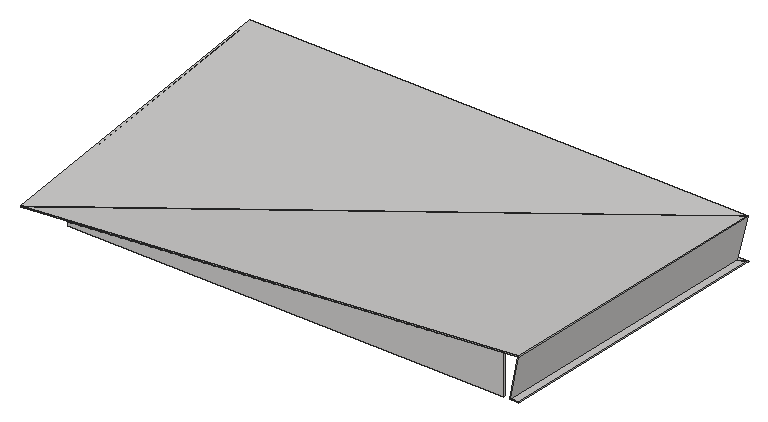
Revit family "Access_Flooring-FreeAxez-Ramp_Internal-1_12", category Specialty Equipment, Revit 2022
Family settings
  Round Connector Dimension = Use Diameter
  Part Type = Normal
  OmniClass Number = 23.35.50.27.14
  OmniClass Title = Rigid Grid Access Flooring
  Work Plane-Based = No
  Always vertical = Yes
  Cut with Voids When Loaded = No
  Maintain Annotation Orientation = No
  Shared = No
  Room Calculation Point = No
Parameters (values of type "Gridd70")
  Width = 2' - 9"
  URL = "https://www.freeaxez.com"
  Type Comments = ""
  Product Page URL = "https://www.freeaxez.com/gridd/#features"
  Product Documentation Link = "https://www.freeaxez.com/wp-content/uploads/2018/04/GRIDD-Catalog.pdf"
  Model = "FA-7433in"
  Manufacturer = "FreeAxez"
  Keynote = ""
  Height = 0' - 2.76"
  Description = "Gridd70 Ramp Internal 1:12"
  Default Elevation = 0' - 0"
  Cost = 0
  Assembly Code = ""
Types (2): name | Width | Model | Height | Description
  Gridd40 | 1' - 7" | "FA-4419in" | 0' - 1.57" | "Gridd40 Ramp Internal 1:12"
  Gridd70 | 2' - 9" | "FA-7433in" | 0' - 2.76" | "Gridd70 Ramp Internal 1:12"
Reference planes (in)
  plane 1 "Center (Front/Back)": y = -7.01969
  plane 2 "Bottom": z = 0
  plane 3 "Center (Left/Right)": x = 0
  plane 4: x = -16.5
  plane 5: x = 16.5
  plane 6: y = 2.48031
  plane 7: y = -16.51969
  plane 8 "Top": z = 2.76
  plane 9 "Back": y = 2.5202
  plane 10 "Right": x = 16.53988
  plane 11: y = -2.24974
  plane 12: x = 8.25
  plane 13: x = -16.53988
  plane 14 "Front": y = -16.55957
Forms (in)
  Extrusion 1, solid, material "Steel - Galvanized - FreeAxez"
    sketch origin (0, 0, 0) x (0, 1, 0) y (0, 0, 1)
      loop
        line (2.48031, 2.76) -> (-16.51969, 0.06271) -> (-16.51969, 0) -> (2.41636, 2.69461) -> (1.88976, 0) -> (2.48031, 0) -> (2.48031, 0.0625) -> (1.97174, 0.0625) -> (2.48031, 2.66495) -> (2.48031, 2.76)
    from -16.5 to 16.5
  Extrusion 2, solid, material "Steel - Galvanized - FreeAxez"
    sketch origin (-16.5, 45.0057, 48) x (0, 1, 0) y (0, 0, 1)
      loop
        line (-58.37578, -48) -> (-43.52538, -48) -> (-43.52538, -45.44226) -> (-58.37578, -47.55245) -> (-58.37578, -48)
    from 0.07031 to 0
  Extrusion 3, solid, material "Steel - Galvanized - FreeAxez"
    sketch origin (-7.01969, -7.01969, 0) x (-1, 0, 0) y (0, 0, 1)
      loop
        line (-23.51969, 2.76) -> (-23.51969, 2.66495) -> (-23.01111, 0.0625) -> (-23.51969, 0.0625) -> (-23.51969, 0) -> (-22.92913, 0) -> (-23.45573, 2.69461) -> (9.48031, 0) -> (9.48031, 0.06271) -> (-23.51969, 2.76)
    from -9.5 to 9.5
  Extrusion 4, void
    sketch origin (0, 0, 0) x (1, 0, 0) y (0, 1, 0)
      loop
        line (-16.5, -16.51969) -> (16.5, 2.48031) -> (-16.5, 2.48031) -> (-16.5, -16.51969)
    from 0 to 9.84252
  Extrusion 5, void
    sketch origin (0, 0, 0) x (1, 0, 0) y (0, 1, 0)
      loop
        line (16.5, 2.48031) -> (-16.5, -16.51969) -> (16.5, -16.51969) -> (16.5, 2.48031)
    from 0 to 9.84252
  Extrusion 6, solid, material "Steel - Galvanized - FreeAxez"
    sketch origin (-60, -16.51969, 48) x (-1, 0, 0) y (0, 0, 1)
      loop
        line (-46.64961, -48) -> (-46.64961, -47.74232) -> (-75.5, -45.38198) -> (-75.5, -48) -> (-46.64961, -48)
    from 0.06846 to 0
Cuts and joins
  Extrusion 4 cuts Extrusion 3
  Extrusion 5 cuts Extrusion 1
Lines and regions (in)
  Masking region 1
    outline origin (0, 0, 0) x (1, 0, 0) y (0, 1, 0)
      loop
        line (-16.5, 2.48031) -> (-16.5, -16.51969) -> (16.5, -16.51969) -> (16.5, 2.48031) -> (-16.5, 2.48031)
  symbolic lines
    curve 1: line (16.5, 2.48031, 0) -> (-16.5, -16.51969, 0)
    curve 4: line (16.5, 2.48031, 0) -> (-16.5, 2.48031, 0)
    curve 5: line (-16.5, 2.48031, 0) -> (-16.5, -16.51969, 0)
    curve 6: line (-16.5, -16.51969, 0) -> (16.5, -16.51969, 0)
    curve 7: line (16.5, -16.51969, 0) -> (16.5, 2.48031, 0)
    curve 12: line (4.25, -9.85138, 0) -> (8.25, -9.85138, 0)
    curve 13: line (12.25, -9.85138, 0) -> (11.54289, -10.55848, 0)
    curve 14: line (12.25, -9.85138, 0) -> (11.54289, -9.14427, 0)
    curve 15: line (8.25, -9.85138, 0) -> (12.25, -9.85138, 0)
    curve 16: line (-2.83169, -6.24974, 0) -> (-2.83169, -2.24974, 0)
    curve 17: line (-2.83169, 1.75026, 0) -> (-2.12459, 1.04315, 0)
    curve 18: line (-2.83169, 1.75026, 0) -> (-3.5388, 1.04315, 0)
    curve 19: line (-2.83169, -2.24974, 0) -> (-2.83169, 1.75026, 0)
  reference lines
    curve 2: line (-16.5, -7.01969, 0) -> (16.5, -7.01969, 2.69983)
    curve 3: line (0, -16.51969, 0) -> (0, 2.48031, 2.69983)
  symbolic lines, not visible
    curve 8: line (-5.45345, -2.26969, 0) -> (-1.45345, -2.26969, 0)
    curve 9: line (2.54655, -2.26969, 0) -> (1.83945, -2.97679, 0)
    curve 10: line (2.54655, -2.26969, 0) -> (1.83945, -1.56258, 0)
    curve 11: line (-1.45345, -2.26969, 0) -> (2.54655, -2.26969, 0)
Dimensions and locks (in)
  equal spacing: plane 4, plane 3 "Center (Left/Right)", plane 5
  equal spacing: plane 6, plane 1 "Center (Front/Back)", plane 7
  "Height": plane 8 "Top" to plane 2 "Bottom"
  plane 6 to plane 7 = 1' - 7"
  locked: plane 7 to Extrusion 2 sketch curve at 3.14961
  "Width": plane 4 to plane 5
  locked: plane 9 "Back" to plane 6 at 0.03988
  locked: plane 5 to plane 10 "Right" at 0.03988
  locked: plane 8 "Top" to curve 2 at 0.06017
  locked: Extrusion 6 sketch curve to plane 4 at 3.14961
  locked: plane 8 "Top" to curve 3 at 0.06017
  locked: Extrusion 3 sketch curve to plane 2 "Bottom" at 0.0625
  locked: plane 5 to Extrusion 3 sketch curve at 0.59055
  locked: Extrusion 1 sketch curve to plane 6 at 0.06395
  locked: Extrusion 1 sketch curve to plane 6 at 0.59055
  locked: Extrusion 2 sketch curve to plane 6 at 1
  locked: plane 5 to Extrusion 6 sketch curve at 1
  equal spacing: plane 3 "Center (Left/Right)", plane 12, plane 5
  equal spacing: plane 9 "Back", plane 11, plane 1 "Center (Front/Back)"
  locked: plane 4 to Extrusion 2 at 0.07031
  locked: Extrusion 6 to plane 7 at 0.06846
  locked: curve 15 to plane 1 "Center (Front/Back)" at 2.83169
  locked: nested 1 to plane 1 "Center (Front/Back)" at 2.83169
  locked: nested 1 to plane 12 at 5.02362
  locked: curve 19 to plane 3 "Center (Left/Right)" at 2.83169
  locked: nested 2 to plane 3 "Center (Left/Right)" at 2.83169
  locked: plane 11 to nested 2 at 5.02362
  locked: plane 13 to plane 4 at 0.03988
  locked: plane 7 to plane 14 "Front" at 0.03988
  aligned and locked: level to plane 2 "Bottom"
  aligned and locked: Extrusion 1 to plane 4
  aligned and locked: Extrusion 1 to plane 5
  aligned and locked: Masking region 1 sketch curve to plane 6
  aligned and locked: Masking region 1 sketch curve to plane 4
  aligned and locked: Masking region 1 sketch curve to plane 5
  aligned and locked: Masking region 1 sketch curve to plane 7
  aligned and locked: plane 4 to curve 2
  aligned and locked: plane 2 "Bottom" to curve 2
  aligned and locked: plane 5 to curve 2
  aligned and locked: curve 2 to Extrusion 6 sketch curve
  aligned and locked: Extrusion 3 to plane 7
  aligned and locked: plane 6 to Extrusion 3
  aligned and locked: plane 6 to curve 3
  aligned and locked: plane 7 to curve 3
  aligned and locked: plane 2 "Bottom" to curve 3
  aligned and locked: curve 3 to Extrusion 2 sketch curve
  aligned and locked: curve 7 to plane 5
  aligned and locked: curve 4 to plane 6
  aligned and locked: curve 5 to plane 4
  aligned and locked: curve 6 to plane 7
  aligned and locked: plane 5 to Extrusion 3 sketch curve
  aligned and locked: Extrusion 3 sketch curve to plane 5
  aligned and locked: Extrusion 3 sketch curve to plane 2 "Bottom"
  aligned and locked: plane 6 to Extrusion 1 sketch curve
  aligned and locked: Extrusion 1 sketch curve to plane 2 "Bottom"
  aligned and locked: Extrusion 1 sketch curve to plane 6
  aligned and locked: Extrusion 4 sketch curve to plane 6
  aligned and locked: Extrusion 4 sketch curve to plane 4
  aligned and locked: Extrusion 5 sketch curve to plane 7
  aligned and locked: Extrusion 5 sketch curve to plane 5
  aligned and locked: Extrusion 2 to plane 4
  aligned and locked: Extrusion 6 to plane 7
  aligned and locked: plane 12 to curve 15
  aligned and locked: plane 11 to curve 19
Automatic sketch dimensions
  Extrusion 1 sketch curve to plane 7 = 0' - 0"
  Extrusion 1 sketch curve to level = 0' - 0"
  Extrusion 1 sketch curve to plane 8 "Top" = 0' - 0"
  level to Extrusion 1 sketch curve = 0' - 0.06271"
  Extrusion 1 sketch curve to Extrusion 1 sketch curve = 0' - 0.06539"
  Extrusion 3 sketch curve to plane 4 = 0' - 0"
  Extrusion 3 sketch curve to plane 8 "Top" = 0' - 0"
  level to Extrusion 3 sketch curve = 0' - 0.06271"
  Extrusion 3 sketch curve to plane 8 "Top" = 0' - 0.06539"
  Extrusion 5 sketch curve to plane 4 = 0' - 0"
  Extrusion 3 sketch curve to plane 5 = 0' - 0.06395"
  Extrusion 3 sketch curve to Extrusion 3 sketch curve = 0' - 0.08198"
  Extrusion 3 sketch curve to Extrusion 3 sketch curve = 0' - 0.02966"
  Extrusion 3 sketch curve to level = 0' - 0"
  level to Extrusion 1 sketch curve = 0' - 0 1/16"
  Extrusion 1 sketch curve to Extrusion 1 sketch curve = 0' - 0.08198"
  Extrusion 1 sketch curve to Extrusion 1 sketch curve = 0' - 0.02966"
  Extrusion 4 sketch curve to plane 7 = 0' - 0"
  Extrusion 4 sketch curve to plane 5 = 0' - 0"
  plane 6 to Extrusion 5 sketch curve = 0' - 0"
  Extrusion 2 sketch curve to level = 0' - 0"
  Extrusion 6 sketch curve to level = 0' - 0"
  curve 12 to curve 14 = 0' - 4"
  curve 12 to curve 12 = 0' - 4"
  curve 14 to curve 13 = 0' - 0.70711"
  curve 13 to curve 13 = 0' - 0.70711"  (x2)
  curve 8 to curve 10 = 0' - 4"
  curve 8 to curve 8 = 0' - 4"
  curve 10 to curve 9 = 0' - 0.70711"
  curve 9 to curve 9 = 0' - 0.70711"  (x2)
  curve 16 to curve 18 = 0' - 4"
  curve 16 to curve 16 = 0' - 4"
  curve 18 to curve 17 = 0' - 0.70711"
  curve 17 to curve 17 = 0' - 0.70711"  (x2)
Nested families (in)
  nested 1: "Label Annotation 1-8" at (3.22638, -9.85138, 0) x (0, -1, 0) z (0, 0, 1), type "Label Annotation 1-8"
  nested 2: "Label Annotation 1-8" at (-2.83169, -7.27337, 0), type "Label Annotation 1-8"
Definition of nested family "Label Annotation 1-8"
  Parameters (values of type "Label Annotation 1-8")
    Label = ""
  Reference planes (in)
    plane 1: y = 0
    plane 2: x = 0
  Text (in)
    label "Label" at (0.00375, -0.00345, 0), shows "Label"
